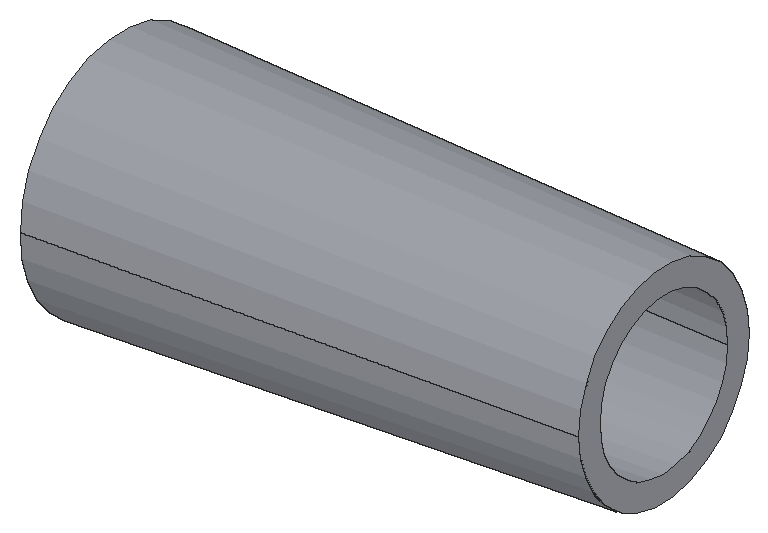
Revit family "BMP_PVC_Reducer", category Pipe Fittings, Revit 2024
Family settings
  Round Connector Dimension = Use Diameter
  Part Type = Transition
  Work Plane-Based = Yes
  Always vertical = No
  Cut with Voids When Loaded = No
  Shared = No
Parameters (values of type "27x21 mm")
  Default Elevation = 1219.2 mm
  BMP_Z_mm = 7 mm
  BMP_Z2_mm = 7 mm
  BMP_Start_mm = -BMP_L_mm / 2  # -36 mm
  BMP_Parametric_Revision = "2.0"
  BMP_PN_bar = 15
  BMP_Manufacturer = "Binh Minh Plastics - independent catalogue-based BIM"
  BMP_L_mm = 72 mm
  BMP_H_mm = 36 mm
  BMP_H2_mm = 36 mm
  BMP_Geometry_Note = "Native parametric simplified fitting; editable type dimensions in millimeters."
  BMP_End_mm = BMP_L_mm / 2  # 36 mm
  BMP_D_mm = 33 mm
  BMP_DN_mm = 27 mm
  BMP_DN2_mm = 21 mm
  BMP_D2_mm = 28 mm
  BMP_Catalogue_PDF_Page = "18"
  BMP_Bore_mm = 26.7 mm
  BMP_Bore2_mm = 21.3 mm
Types (13, lengths in mm): name | BMP_Z_mm | BMP_Z2_mm | BMP_Start_mm | BMP_PN_bar | BMP_L_mm | BMP_H_mm | BMP_H2_mm | BMP_End_mm | BMP_D_mm | BMP_DN_mm | BMP_DN2_mm | BMP_D2_mm | BMP_Bore_mm | BMP_Bore2_mm
  27x21 mm | 7 | 7 | -36 | 15 | 72 | 36 | 36 | 36 | 33 | 27 | 21 | 28 | 26.7 | 21.3
  34x21 mm | 7 | 7 | -38.5 | 15 | 77 | 38.5 | 38.5 | 38.5 | 41 | 34 | 21 | 28 | 33.5 | 21.3
  34x27 mm | 7 | 7 | -41 | 15 | 82 | 41 | 41 | 41 | 41 | 34 | 27 | 33 | 33.5 | 26.7
  42x27 mm | 12 | 12 | -45.5 | 15 | 91 | 45.5 | 45.5 | 45.5 | 50 | 42 | 27 | 33 | 42.2 | 26.7
  42x34 mm | 9 | 9 | -46.5 | 15 | 93 | 46.5 | 46.5 | 46.5 | 50 | 42 | 34 | 41 | 42.2 | 33.5
  49x34 mm | 8 | 8 | -51.5 | 15 | 103 | 51.5 | 51.5 | 51.5 | 57 | 49 | 34 | 41 | 48.2 | 33.5
  49x42 mm | 5 | 5 | -51 | 15 | 102 | 51 | 51 | 51 | 57 | 49 | 42 | 50 | 48.2 | 42.2
  60x42 mm | 9 | 9 | -26 | 6 | 52 | 26 | 26 | 26 | 66 | 60 | 42 | 48 | 60.2 | 42.2
  60x49 mm | 6 | 6 | -26.5 | 6 | 53 | 26.5 | 26.5 | 26.5 | 69 | 60 | 49 | 53 | 60.2 | 48.2
  90x60 mm | 21 | 21 | -54.5 | 6 | 109 | 54.5 | 54.5 | 54.5 | 97 | 90 | 60 | 67 | 88.8 | 60.2
  114x60 mm | 34 | 34 | -67.5 | 6 | 135 | 67.5 | 67.5 | 67.5 | 123 | 114 | 60 | 67 | 114.1 | 60.2
  114x90 mm | 21 | 21 | -68 | 6 | 136 | 68 | 68 | 68 | 123 | 114 | 90 | 97 | 114.1 | 88.8
  168x114 mm | 28 | 28 | -85.5 | 6 | 171 | 85.5 | 85.5 | 85.5 | 180 | 168 | 114 | 123 | 168.1 | 114.1
Reference planes
  plane 1 "Center (Front/Back)": y = 0
  plane 2: z = 0
  plane 3 "Center (Left/Right)": x = 0
Forms (mm)
  Blend 1, solid, material "BMP_PVC"
    base sketch origin (0, 0, 0) x (0, 1, 0) y (0, 0, 1)
      loop
        circle (0, 0) r 16.5
    top sketch origin (0, 0, 0) x (0, 1, 0) y (0, 0, 1)
      loop
        circle (0, 0) r 14
    from -36 <- "BMP_Start_mm" to 36 <- "BMP_End_mm"
  Blend 2, void
    base sketch origin (0, 0, 0) x (0, 1, 0) y (0, 0, 1)
      loop
        circle (0, 0) r 13.35
    top sketch origin (0, 0, 0) x (0, 1, 0) y (0, 0, 1)
      loop
        circle (0, 0) r 10.65
    from -36 <- "BMP_Start_mm" to 36 <- "BMP_End_mm"
Cuts and joins
  Blend 2 cuts Blend 1
Lines and regions (mm)
  reference lines, not visible
    curve 1: line (0, 3000, 0) -> (0, -3000, 0)
    curve 2: line (0, 0, 3000) -> (0, 0, -3000)
    curve 3: line (0, 3000, 0) -> (0, -3000, 0)
    curve 4: line (0, 0, 3000) -> (0, 0, -3000)
    curve 5: line (0, -3000, 0) -> (0, 3000, 0)
    curve 6: line (0, 0, -3000) -> (0, 0, 3000)
    curve 7: line (0, -3000, 0) -> (0, 3000, 0)
    curve 8: line (0, 0, -3000) -> (0, 0, 3000)
Dimensions and locks
  "BMP_D_mm": diameter of Blend 1 sketch curve  (x2)
  "BMP_D2_mm": diameter of Blend 1 sketch curve  (x2)
  "BMP_Bore_mm": diameter of Blend 2 sketch curve  (x2)
  "BMP_Bore2_mm": diameter of Blend 2 sketch curve  (x2)
  aligned and locked: level to plane 2
  aligned and locked: curve 1 to Blend 1 sketch curve
  aligned and locked: curve 2 to Blend 1 sketch curve
  aligned and locked: curve 3 to Blend 1 sketch curve
  aligned and locked: curve 4 to Blend 1 sketch curve
  aligned and locked: curve 5 to Blend 2 sketch curve
  aligned and locked: curve 6 to Blend 2 sketch curve
  aligned and locked: curve 7 to Blend 2 sketch curve
  aligned and locked: curve 8 to Blend 2 sketch curve
Automatic sketch dimensions
  curve 1 to level = 0 mm
  plane 1 "Center (Front/Back)" to curve 1 = 3000 mm
  curve 1 to plane 1 "Center (Front/Back)" = 3000 mm
  curve 2 to plane 1 "Center (Front/Back)" = 0 mm
  curve 2 to level = 3000 mm
  level to curve 2 = 3000 mm
  curve 3 to level = 0 mm
  curve 3 to curve 1 = 0 mm  (x2)
  curve 4 to plane 1 "Center (Front/Back)" = 0 mm
  curve 4 to curve 2 = 0 mm  (x2)
  curve 5 to level = 0 mm
  curve 5 to curve 1 = 0 mm  (x2)
  curve 6 to plane 1 "Center (Front/Back)" = 0 mm
  curve 6 to curve 2 = 0 mm  (x2)
  curve 7 to level = 0 mm
  curve 7 to curve 1 = 0 mm  (x2)
  curve 8 to plane 1 "Center (Front/Back)" = 0 mm
  curve 8 to curve 2 = 0 mm  (x2)
Connectors
  piping at (-36, 0, 0), diameter 27, driven by "BMP_DN_mm"
    settings: on cut or joined group of Blend 1, Blend 2, index 1, connector inside diameter 609.6 mm, connector length 0 mm, flow factor 0, pipe flow 0.0 L/s, pressure drop 0.0 Pa, fitting loss kfactor 0, connector angle 0.00°, fixture units 0, engagement length 0 mm, angle of deflection 0.00°, flow configuration 0, flow direction 0, fitting loss method 0, system type 28, joint type 0, gender type 0, connector reference index 2, connector utility 0, adjustable connector no, is connector primary yes, connector description ""
  piping at (36, 0, 0), diameter 21, driven by "BMP_DN2_mm"
    settings: on cut or joined group of Blend 1, Blend 2, index 2, connector inside diameter 609.6 mm, connector length 0 mm, flow factor 0, pipe flow 0.0 L/s, pressure drop 0.0 Pa, fitting loss kfactor 0, connector angle 0.00°, fixture units 0, engagement length 0 mm, angle of deflection 0.00°, flow configuration 0, flow direction 0, fitting loss method 0, system type 28, joint type 0, gender type 0, connector reference index 1, connector utility 0, adjustable connector no, is connector primary no, connector description ""
